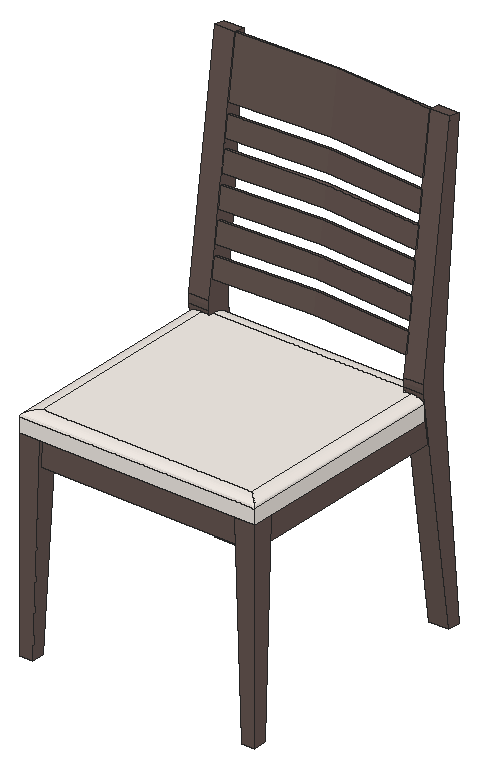
Revit family
Parameters
  Description = ""
  Cadre = Bois - Exotique
  Siège = Textile - Beige
Reference planes
  plane 1 "Arrière": y = 726.112
  plane 2: z = 0
  plane 3 "Centre (gauche/droite)": x = 655
  plane 4 "Gauche": x = 420
  plane 5 "Droite": x = 890
  plane 6 "Avant": y = 216.112
  plane 7 "HAUT": z = 870
  plane 8: z = 400
Forms (mm)
  Blend 1, solid, material "Bois - Exotique" <- "Cadre"
    base sketch origin (0, 0, 0) x (1, 0, 0) y (0, 1, 0)
      loop
        line (420, 216.112) -> (445, 216.112) -> (445, 241.112) -> (420, 241.112) -> (420, 216.112)
    top sketch origin (0, 0, 0) x (1, 0, 0) y (0, 1, 0)
      loop
        line (420, 216.112) -> (460, 216.112) -> (460, 256.112) -> (420, 256.112) -> (420, 216.112)
    from 0 to 400
  Blend 2, solid, material "Bois - Exotique" <- "Cadre"
    base sketch origin (1310, 0, 0) x (-1, 0, 0) y (0, -1, 0)
      loop
        line (420, -216.112) -> (420, -241.112) -> (445, -241.112) -> (445, -216.112) -> (420, -216.112)
    top sketch origin (1310, 0, 0) x (-1, 0, 0) y (0, -1, 0)
      loop
        line (420, -216.112) -> (420, -256.112) -> (460, -256.112) -> (460, -216.112) -> (420, -216.112)
    from 0 to 400
  Extrusion 3, solid, material "Bois - Exotique" <- "Cadre"
    sketch origin (890, 0, 0) x (0, 1, 0) y (0, 0, 1)
      loop
        line (726.112, 0) -> (687.07, 446.243)
        arc (687.07, 446.243) -> (686.576, 457.562) -> (687.068, 468.881) r 130
        line (687.068, 468.881) -> (726.112, 916.022) -> (703.519, 919.197) -> (639.663, 464.837)
        arc (639.663, 464.837) -> (639.067, 456.307) -> (639.663, 447.777) r 61.291
        line (639.663, 447.777) -> (702.594, 0) -> (726.112, 0)
    from 0 to -40
  Extrusion 4, solid, material "Bois - Exotique" <- "Cadre"
    sketch origin (420, 0, 0) x (0, 1, 0) y (0, 0, -1)
      loop
        line (726.112, 0) -> (702.594, 0) -> (639.663, -447.777)
        arc (639.663, -447.777) -> (639.067, -456.307) -> (639.663, -464.837) r 61.291
        line (639.663, -464.837) -> (703.519, -919.197) -> (726.112, -916.022) -> (687.068, -468.881)
        arc (687.068, -468.881) -> (686.576, -457.562) -> (687.07, -446.243) r 130
        line (687.07, -446.243) -> (726.112, 0)
    from 0 to -40
  Extrusion 5, solid, material "Bois - Exotique" <- "Cadre"
    sketch origin (1074.775, -1524, 400) x (0, -1, 0) y (-1, 0, 0)
      loop
        line (-2198.79, 649.775) -> (-2198.79, 189.775) -> (-1745.112, 189.775) -> (-1745.112, 649.775) -> (-2198.79, 649.775)
      loop
        line (-2178.79, 629.775) -> (-2178.79, 209.775) -> (-1765.112, 209.775) -> (-1765.112, 629.775) -> (-2178.79, 629.775)
    from 0 to 50
  Extrusion 6, solid, material "Textile - Beige" <- "Siège"
    sketch origin (1074.775, -1524, 400) x (0, -1, 0) y (-1, 0, 0)
      loop
        line (-1740.112, 654.775) -> (-2163.356, 654.775) -> (-2163.356, 614.775) -> (-2198.79, 614.775) -> (-2198.79, 224.775) -> (-2163.356, 224.775) -> (-2163.356, 184.775) -> (-1740.112, 184.775) -> (-1740.112, 654.775)
    from 0 to -40
  Sweep 7, void
    path in 3D
      loop
        line (420, 639.356, 440) -> (420, 216.112, 440) -> (890, 216.112, 440) -> (890, 639.356, 440)
    profile origin (420, 427.734, 440) x (1, 0, 0) y (0, 0, 1)
      loop
        spline (0, -10) -> (0.214, -8.695) -> (0.852, -7.412) -> (1.903, -6.173) -> (3.349, -5) -> (5.166, -3.912) -> (7.322, -2.929) -> (9.781, -2.066) -> (12.5, -1.34) -> (15.433, -0.761) -> (18.53, -0.341) -> (21.737, -0.086) -> (25, 0)
        line (25, 0) -> (0, 0) -> (0, -10)
  Extrusion 8, solid, material "Bois - Exotique" <- "Cadre"
    sketch origin (420, 703.519, 919.197) x (0, 0.990268, -0.139173) y (-1, 0, 0)
      loop
        arc (0, -40) -> (11.861, -235) -> (0, -430) r 1608.872
        line (0, -430) -> (5.037, -430)
        arc (5.037, -430) -> (16.861, -235) -> (5.037, -40) r 1613.872
        line (5.037, -40) -> (0, -40)
    from 0 to -420.696
  Extrusion 9, void
    sketch origin (0, 726.112, 0) x (1, 0, 0) y (0, 0, 1)
      loop
        line (460, 801.143) -> (460, 781.143) -> (850, 781.143) -> (850, 801.143) -> (460, 801.143)
      loop
        line (460, 741.143) -> (460, 721.143) -> (850, 721.143) -> (850, 741.143) -> (460, 741.143)
      loop
        line (460, 681.143) -> (460, 661.143) -> (850, 661.143) -> (850, 681.143) -> (460, 681.143)
      loop
        line (460, 621.143) -> (460, 601.143) -> (850, 601.143) -> (850, 621.143) -> (460, 621.143)
      loop
        line (460, 561.143) -> (460, 541.143) -> (850, 541.143) -> (850, 561.143) -> (460, 561.143)
    from 0 to 250
  Sweep 10, void
    path in 3D
      loop
        line (850, 674.79, 440) -> (460, 674.79, 440)
    profile origin (655, 674.79, 440) x (0, -1, 0) y (0, 0, 1)
      loop
        spline (0, -10) -> (0.214, -8.695) -> (0.852, -7.412) -> (1.903, -6.173) -> (3.349, -5) -> (5.166, -3.912) -> (7.322, -2.929) -> (9.781, -2.066) -> (12.5, -1.34) -> (15.433, -0.761) -> (18.53, -0.341) -> (21.737, -0.086) -> (25, 0)
        line (25, 0) -> (0, 0) -> (0, -10)
Cuts and joins
  Extrusion 9, Sweep 10 cuts Blend 1
  Extrusion 9, Sweep 10 cuts Blend 2
  Extrusion 9, Sweep 10 cuts Extrusion 3
  Extrusion 9, Sweep 10 cuts Extrusion 4
  Extrusion 9, Sweep 10 cuts Extrusion 5
  joined: Blend 1, Blend 2, Extrusion 3, Extrusion 4, Extrusion 5
  Sweep 7, Sweep 10 cuts Extrusion 6
  Extrusion 9 cuts Extrusion 8
Lines and regions (mm)
  sketch lines
    curve 1: line (420, 639.356, 440) -> (420, 216.112, 440)
    curve 2: line (420, 216.112, 440) -> (890, 216.112, 440)
    curve 3: line (890, 216.112, 440) -> (890, 639.356, 440)
    curve 4: line (850, 674.79, 440) -> (460, 674.79, 440)
Dimensions and locks
  equal spacing: plane 4 "Gauche", plane 3 "Centre (gauche/droite)", plane 5 "Droite"
Automatic sketch dimensions
  Blend 1 sketch curve to plane 4 "Gauche" = 0 mm  (x2)
  Blend 1 sketch curve to plane 6 "Avant" = 0 mm  (x2)
  plane 4 "Gauche" to Blend 1 sketch curve = 25 mm
  Blend 1 sketch curve to plane 6 "Avant" = 25 mm
  plane 4 "Gauche" to Blend 1 sketch curve = 40 mm
  Blend 1 sketch curve to plane 6 "Avant" = 40 mm
  Blend 2 sketch curve to plane 5 "Droite" = 0 mm  (x2)
  Blend 2 sketch curve to plane 6 "Avant" = 0 mm  (x2)
  plane 5 "Droite" to Blend 2 sketch curve = 25 mm
  Blend 2 sketch curve to Blend 2 sketch curve = 25 mm
  plane 5 "Droite" to Blend 2 sketch curve = 40 mm
  Blend 2 sketch curve to Blend 2 sketch curve = 40 mm
  plane 4 "Gauche" to Extrusion 5 sketch curve = 5 mm
  plane 1 "Arrière" to Extrusion 5 sketch curve = 51.322 mm
  Extrusion 5 sketch curve to Extrusion 5 sketch curve = 20 mm
  Extrusion 5 sketch curve to plane 6 "Avant" = 25 mm
  Extrusion 5 sketch curve to plane 6 "Avant" = 5 mm
  plane 4 "Gauche" to Extrusion 5 sketch curve = 25 mm
  Extrusion 5 sketch curve to plane 5 "Droite" = 25 mm
  Extrusion 5 sketch curve to plane 5 "Droite" = 5 mm
  plane 1 "Arrière" to Extrusion 6 sketch curve = 51.322 mm
  Extrusion 6 sketch curve to Extrusion 6 sketch curve = 35.434 mm  (x2)
  plane 4 "Gauche" to Extrusion 6 sketch curve = 40 mm
  Extrusion 6 sketch curve to Extrusion 6 sketch curve = 40 mm
  Extrusion 6 sketch curve to plane 6 "Avant" = 0 mm
  plane 4 "Gauche" to Extrusion 6 sketch curve = 0 mm
  Extrusion 6 sketch curve to plane 5 "Droite" = 0 mm
  Sweep 7 sketch curve to profile plane = 0 mm  (x2)
  Sweep 7 sketch curve to profile plane = 25 mm
  Sweep 7 sketch curve to Sweep 7 sketch curve = 10 mm
  Sweep 7 sketch curve to Sweep 7 sketch curve = 0 mm
  Extrusion 8 sketch curve to Extrusion 8 sketch curve = 0 mm  (x2)
  Extrusion 8 sketch curve to Extrusion 4 = 0 mm  (x3)
  Extrusion 8 sketch curve to Extrusion 4 = 195 mm
  Extrusion 4 to Extrusion 8 sketch curve = 5.037 mm  (x2)
  plane 4 "Gauche" to Extrusion 9 sketch curve = 40 mm  (x5)
  Extrusion 9 sketch curve to plane 5 "Droite" = 40 mm  (x5)
  Extrusion 9 sketch curve to plane 8 = 141.143 mm
  Extrusion 9 sketch curve to Extrusion 9 sketch curve = 20 mm  (x5)
  Extrusion 9 sketch curve to Extrusion 9 sketch curve = 40 mm  (x4)
  Sweep 10 sketch curve to profile plane = 0 mm  (x2)
  Sweep 10 sketch curve to profile plane = 25 mm
  Sweep 10 sketch curve to Sweep 10 sketch curve = 10 mm
  Sweep 10 sketch curve to Sweep 10 sketch curve = 0 mm
  Extrusion 3 sketch curve to level = 0 mm
  Extrusion 3 sketch curve to plane 1 "Arrière" = 0 mm  (x2)
  plane 1 "Arrière" to Extrusion 3 sketch curve = 22.592 mm
  plane 1 "Arrière" to Extrusion 3 sketch curve = 23.517 mm
  plane 1 "Arrière" to Extrusion 3 sketch curve = 25.754 mm
  Extrusion 3 sketch curve to Extrusion 3 sketch curve = 13.287 mm
  Extrusion 3 sketch curve to Extrusion 3 sketch curve = 13.289 mm
  Extrusion 3 sketch curve to Extrusion 3 sketch curve = 47.405 mm
  Extrusion 3 sketch curve to Extrusion 3 sketch curve = 0 mm
  Extrusion 3 sketch curve to plane 1 "Arrière" = 90.464 mm
  Extrusion 3 sketch curve to plane 8 = 46.243 mm
  Extrusion 3 sketch curve to Extrusion 3 sketch curve = 1.535 mm
  Extrusion 3 sketch curve to Extrusion 3 sketch curve = 10.065 mm
  Extrusion 3 sketch curve to plane 8 = 57.573 mm
  Extrusion 3 sketch curve to plane 7 "HAUT" = 46.022 mm
  Extrusion 4 sketch curve to level = 0 mm
  Extrusion 4 sketch curve to plane 1 "Arrière" = 0 mm  (x2)
  plane 1 "Arrière" to Extrusion 4 sketch curve = 22.592 mm
  plane 1 "Arrière" to Extrusion 4 sketch curve = 23.517 mm
  plane 1 "Arrière" to Extrusion 4 sketch curve = 25.754 mm
  Extrusion 4 sketch curve to Extrusion 4 sketch curve = 13.287 mm
  Extrusion 4 sketch curve to Extrusion 4 sketch curve = 13.289 mm
  Extrusion 4 sketch curve to Extrusion 4 sketch curve = 47.407 mm
  Extrusion 4 sketch curve to Extrusion 4 sketch curve = 0 mm
  Extrusion 4 sketch curve to plane 1 "Arrière" = 90.464 mm
  Extrusion 4 sketch curve to plane 8 = 46.243 mm
  Extrusion 4 sketch curve to Extrusion 4 sketch curve = 1.535 mm
  Extrusion 4 sketch curve to Extrusion 4 sketch curve = 10.065 mm
  Extrusion 4 sketch curve to plane 8 = 57.573 mm
  Extrusion 4 sketch curve to plane 7 "HAUT" = 46.022 mm
